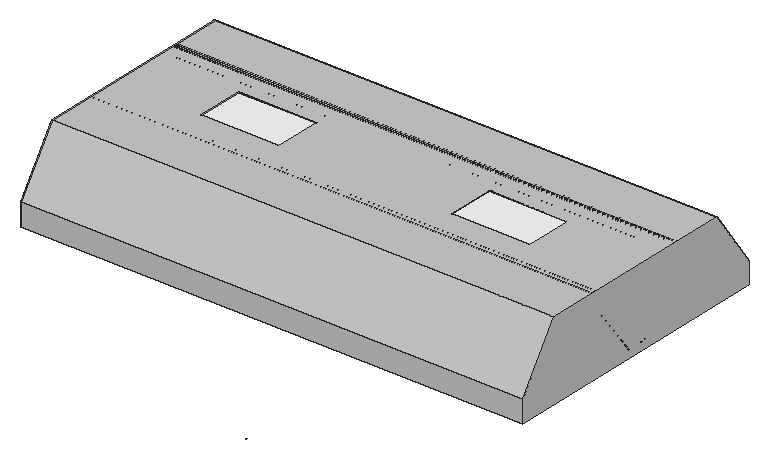
Revit family "QF_ELECTROLUXPROFESSIONAL_642361_BC1832DT", category Specialty Equipment, Revit 2014
Reference planes
  plane 1: z = 0
  plane 2 "Center (Left/Right)": x = 150
  plane 3 "LEFT": x = -1450
  plane 4 "RIGHT": x = 1750
  plane 5 "BACK": y = 550
  plane 6 "TOP": z = 2500
  plane 7 "Base": z = 2000
  plane 8: z = 1946
  plane 9: x = -1447
  plane 10 "DrainX": x = 1599
  plane 11 "AOLeft2": x = -400
  plane 12 "AORight1": x = 700
  plane 13: x = 1747
  plane 14: x = -1250
  plane 15: x = 1550
  plane 16: x = 50
  plane 17: x = 250
  plane 18 "AOLeft1": x = -900
  plane 19 "AORight2": x = 1200
  plane 20: y = -200
  plane 21: y = -500
  plane 22 "Center (Front/Back)": y = -350
  plane 23: y = -1250
  plane 24: through (0, -401.379, 2046.209) normal (0, 0.8019, 0.5974)
  plane 25: through (0, -298.621, 2046.209) normal (0, 0.8019, -0.5974)
  plane 26: z = 2140
Forms (mm)
  Extrusion 1, solid, material "QF_Finishes_Stainless Steel"
    sketch origin (-1450, 0, 360) x (0, 1, 0) y (0, 0, 1)
      loop
        line (550, 1640) -> (550, 1780) -> (299.446, 2140) -> (-999.446, 2140) -> (-1250, 1780) -> (-1250, 1640) -> (550, 1640)
    from 0 to 3
  Extrusion 2, solid, material "QF_Finishes_Stainless Steel"
    sketch origin (1750, 0, 360) x (0, 1, 0) y (0, 0, 1)
      loop
        line (550, 1640) -> (550, 1780) -> (299.446, 2140) -> (-999.446, 2140) -> (-1250, 1780) -> (-1250, 1640) -> (550, 1640)
    from 0 to -3
  Extrusion 3, solid, material "QF_Finishes_Stainless Steel"
    sketch origin (150, 0, 360) x (0, 1, 0) y (0, 0, 1)
      loop
        line (-999.446, 2140) -> (-1250, 1780) -> (-1250, 1640) -> (-1240, 1640) -> (-1240, 1640.8) -> (-1249.2, 1640.8) -> (-1249.2, 1779.739) -> (-999.025, 2139.19) -> (299.025, 2139.19) -> (549.2, 1779.739) -> (549.2, 1640.8) -> (540, 1640.8) -> (540, 1640) -> (550, 1640) -> (550, 1780) -> (299.446, 2140) -> (-999.446, 2140)
    from -1600 to 1600
  Extrusion 4, void
    sketch origin (0, 0, 2500) x (0, 1, 0) y (-1, 0, 0)
      loop
        line (-200, 400) -> (-200, 900) -> (-500, 900) -> (-500, 400) -> (-200, 400)
    from 0 to -10
  Extrusion 5, solid, material "QF_Finishes_Stainless Steel"
    sketch origin (0, 0, 0) x (1, 0, 0) y (0, 1, 0)
      loop
        line (-1450, 550) -> (-1450, 549) -> (-1449, 549) -> (-1449, 550) -> (-1450, 550)
    from 0 to 1
  Extrusion 6, solid, material "QF_Finishes_Stainless Steel"
    sketch origin (150, -400, 360) x (0, 1, 0) y (0, 0, 1)
      loop
        line (-298.883, 2085.553) -> (-1.379, 1686.209) -> (14.66, 1698.157) -> (-282.844, 2097.501) -> (-298.883, 2085.553)
      loop
        line (398.883, 2085.553) -> (382.844, 2097.501) -> (85.34, 1698.157) -> (101.379, 1686.209) -> (398.883, 2085.553)
    from -1400 to -1597
  Extrusion 7, solid, material "QF_Finishes_Stainless Steel"
    sketch origin (150, -400, 360) x (0, 1, 0) y (0, 0, 1)
      loop
        arc (116.056, 1704.554) -> (115.455, 1704.706) -> (114.923, 1704.389) r 0.81
        line (114.923, 1704.389) -> (100.465, 1684.991) -> (83.389, 1687.002) -> (86.391, 1712.615) -> (85.593, 1712.708) -> (82.594, 1687.095)
        arc (82.594, 1687.095) -> (82.763, 1686.499) -> (83.305, 1686.197) r 0.81
        line (83.305, 1686.197) -> (100.372, 1684.196)
        arc (100.372, 1684.196) -> (100.787, 1684.257) -> (101.116, 1684.517) r 0.81
        line (101.116, 1684.517) -> (115.564, 1703.911) -> (126.308, 1695.919) -> (100.145, 1660.79) -> (-0.145, 1660.79) -> (-26.308, 1695.919) -> (-15.564, 1703.911) -> (-1.116, 1684.517)
        arc (-1.116, 1684.517) -> (-0.787, 1684.257) -> (-0.372, 1684.196) r 0.81
        line (-0.372, 1684.196) -> (16.695, 1686.197)
        arc (16.695, 1686.197) -> (17.237, 1686.499) -> (17.406, 1687.095) r 0.81
        line (17.406, 1687.095) -> (14.407, 1712.708) -> (13.609, 1712.615) -> (16.611, 1687.002) -> (-0.465, 1684.991) -> (-14.923, 1704.389)
        arc (-14.923, 1704.389) -> (-15.455, 1704.706) -> (-16.056, 1704.554) r 0.81
        line (-16.056, 1704.554) -> (-26.786, 1696.561)
        arc (-26.786, 1696.561) -> (-27.103, 1696.028) -> (-26.951, 1695.427) r 0.81
        line (-26.951, 1695.427) -> (-0.843, 1660.381)
        arc (-0.843, 1660.381) -> (-0.5, 1660.093) -> (-0.063, 1659.99) r 0.972
        line (-0.063, 1659.99) -> (100.049, 1659.99)
        arc (100.049, 1659.99) -> (100.498, 1660.096) -> (100.851, 1660.393) r 1
        line (100.851, 1660.393) -> (126.951, 1695.427)
        arc (126.951, 1695.427) -> (127.103, 1696.028) -> (126.786, 1696.561) r 0.81
        line (126.786, 1696.561) -> (116.056, 1704.554)
      loop
        line (-292.735, 2139.19) -> (-292.735, 2129.205) -> (-317.587, 2110.686)
        arc (-317.587, 2110.686) -> (-317.904, 2110.153) -> (-317.752, 2109.552) r 0.81
        line (-317.752, 2109.552) -> (-284.894, 2065.446) -> (-295.625, 2057.438) -> (-295.147, 2056.796) -> (-284.418, 2064.79)
        arc (-284.418, 2064.79) -> (-284.1, 2065.322) -> (-284.252, 2065.923) r 0.81
        line (-284.252, 2065.923) -> (-317.117, 2110.038) -> (-291.935, 2128.798) -> (-291.935, 2138.4) -> (-262.776, 2138.4) -> (-262.776, 2070.563) -> (-261.976, 2069.49) -> (-261.976, 2139.19) -> (-292.735, 2139.19)
      loop
        line (392.735, 2139.19) -> (361.976, 2139.19) -> (361.976, 2069.49) -> (362.776, 2070.563) -> (362.776, 2138.4) -> (391.935, 2138.4) -> (391.935, 2128.798) -> (417.117, 2110.038) -> (384.252, 2065.923)
        arc (384.252, 2065.923) -> (384.1, 2065.322) -> (384.418, 2064.79) r 0.81
        line (384.418, 2064.79) -> (395.147, 2056.796) -> (395.625, 2057.438) -> (384.894, 2065.446) -> (417.752, 2109.552)
        arc (417.752, 2109.552) -> (417.904, 2110.153) -> (417.587, 2110.686) r 0.81
        line (417.587, 2110.686) -> (392.735, 2129.205) -> (392.735, 2139.19)
    from -1597 to 1597
  Extrusion 8, solid, material "QF_Finishes_Stainless Steel"
    sketch origin (150, -400, 360) x (0, 1, 0) y (0, 0, 1)
      loop
        line (-298.883, 2085.553) -> (-1.379, 1686.209) -> (14.66, 1698.157) -> (-282.844, 2097.501) -> (-298.883, 2085.553)
      loop
        line (398.883, 2085.553) -> (382.844, 2097.501) -> (85.34, 1698.157) -> (101.379, 1686.209) -> (398.883, 2085.553)
    from 1597 to 1400
  Extrusion 9, solid, material "QF_Finishes_Stainless Steel"
    sketch origin (150, -400, 360) x (0, 1, 0) y (0, 0, 1)
      loop
        line (-298.883, 2085.553) -> (-1.379, 1686.209) -> (14.66, 1698.157) -> (-282.844, 2097.501) -> (-298.883, 2085.553)
      loop
        line (398.883, 2085.553) -> (382.844, 2097.501) -> (85.34, 1698.157) -> (101.379, 1686.209) -> (398.883, 2085.553)
    from -100 to 100
  Extrusion 10, solid, material "QF_Finished_Chrome"
    sketch origin (150, -400, 360) x (0, 1, 0) y (0, 0, 1)
      loop
        line (-298.883, 2085.553) -> (-1.379, 1686.209) -> (14.66, 1698.157) -> (-282.844, 2097.501) -> (-298.883, 2085.553)
      loop
        line (398.883, 2085.553) -> (382.844, 2097.501) -> (85.34, 1698.157) -> (101.379, 1686.209) -> (398.883, 2085.553)
    from -1400 to -100
  Extrusion 11, solid, material "QF_Finished_Chrome"
    sketch origin (150, -400, 360) x (0, 1, 0) y (0, 0, 1)
      loop
        line (-298.883, 2085.553) -> (-1.379, 1686.209) -> (14.66, 1698.157) -> (-282.844, 2097.501) -> (-298.883, 2085.553)
      loop
        line (398.883, 2085.553) -> (382.844, 2097.501) -> (85.34, 1698.157) -> (101.379, 1686.209) -> (398.883, 2085.553)
    from 100 to 1400
  Sweep 12, solid, material "QF_Finishes_Stainless Steel"
    path origin (0, 0, 0) x (1, 0, 0) y (0, 1, 0)
      loop
        line (1750, 550) -> (-1450, 550) -> (-1450, -1250) -> (1750, -1250) -> (1750, 550)
    profile origin (1750, -350, 0) x (1, 0, 0) y (0, 0, 1)
      loop
        line (-3, 2000) -> (-3, 2000.8) -> (-19, 2000.8) -> (-19, 2010) -> (-20, 2010) -> (-20, 2000) -> (-3, 2000)
  Extrusion 13, void
    sketch origin (0, 0, 2500) x (0, 1, 0) y (-1, 0, 0)
      loop
        line (-200, -1200) -> (-200, -700) -> (-500, -700) -> (-500, -1200) -> (-200, -1200)
    from 0 to -10
  Extrusion 14, solid, material "QF_Finishes_Stainless Steel"
    sketch origin (1599, 0, 0) x (0, 1, 0) y (0, 0, 1)
      loop
        arc (-318.5, 1946) -> (-311.429, 1948.929) -> (-308.5, 1956) r 10
        line (-308.5, 1956) -> (-308.5, 2000.8) -> (-391.5, 2000.8) -> (-391.5, 1956)
        arc (-391.5, 1956) -> (-388.571, 1948.929) -> (-381.5, 1946) r 10
        line (-381.5, 1946) -> (-318.5, 1946)
    from -90 to 90
  Extrusion 15, solid, material "QF_Finishes_Stainless Steel"
    sketch origin (0, -1100, 2000) x (0, 1, 0) y (-1, 0, 0)
      loop
        circle (750, -1599) r 6.35
    from -3.799 to 0
Cuts and joins
  Extrusion 4, Extrusion 13 cuts Extrusion 3
  joined: Extrusion 2, Extrusion 3, Sweep 12
Lines and regions (mm)
  symbolic lines, style "SpecialityEquipment", detail levels coarse
    curve 1: line (1750, 550, 2500) -> (-1450, 550, 2500)
    curve 2: line (-1450, 550, 2500) -> (-1450, -1250.8, 2500)
    curve 3: line (1750, -1250.8, 2500) -> (1750, 550, 2500)
    curve 4: line (-1450, 299.446, 0) -> (1750, -999.446, 0)
    curve 5: line (1750, 299.446, 0) -> (-1450.605, -999.446, 0)
  symbolic lines, detail levels coarse
    curve 6: line (-900, -500, 0) -> (-400, -500, 0)
    curve 7: line (-900, -200, 0) -> (-900, -500, 0)
    curve 8: line (-400, -200, 0) -> (-900, -200, 0)
    curve 9: line (-400, -500, 0) -> (-400, -200, 0)
    curve 10: line (700, -200, 0) -> (700, -500, 0)
    curve 11: line (1200, -200, 0) -> (700, -200, 0)
    curve 12: line (1200, -500, 0) -> (1200, -200, 0)
    curve 13: line (700, -500, 0) -> (1200, -500, 0)
    curve 14: line (-1450.605, -999.446, 0) -> (1750, -999.446, 0)
    curve 15: line (1750, 299.446, 0) -> (-1450, 299.446, 0)
    curve 16: line (-1450, -1250.8, 0) -> (1750, -1250.8, 0)
Dimensions and locks
  plane 3 "LEFT" to plane 4 "RIGHT" = 3200 mm
  equal spacing: plane 3 "LEFT", plane 2 "Center (Left/Right)", plane 4 "RIGHT"
  plane 3 "LEFT" to plane 9 = 3 mm
  plane 10 "DrainX" to plane 4 "RIGHT" = 151 mm
  plane 13 to plane 4 "RIGHT" = 3 mm
  plane 3 "LEFT" to plane 14 = 200 mm
  plane 15 to plane 4 "RIGHT" = 200 mm
  locked: plane 11 "AOLeft2" to plane 12 "AORight1" at 1100
  equal spacing: plane 11 "AOLeft2", plane 2 "Center (Left/Right)", plane 12 "AORight1"
  locked: plane 7 "Base" to level at 2000
  locked: plane 16 to plane 17 at 200
  equal spacing: plane 16, plane 2 "Center (Left/Right)", plane 17
  plane 18 "AOLeft1" to plane 11 "AOLeft2" = 500 mm
  plane 12 "AORight1" to plane 19 "AORight2" = 500 mm
  plane 7 "Base" to plane 8 = 54 mm
  locked: plane 6 "TOP" to plane 7 "Base" at 500
  plane 5 "BACK" to plane 23 = 1800 mm  (x2)
  equal spacing: plane 5 "BACK", plane 22 "Center (Front/Back)", plane 23
  plane 21 to plane 20 = 300 mm
  equal spacing: plane 21, plane 22 "Center (Front/Back)", plane 20
  plane 26 to plane 7 "Base" = 140 mm
  aligned and locked: level to plane 1
  aligned and locked: plane 4 "RIGHT" to Extrusion 3
  aligned and locked: Extrusion 3 to plane 3 "LEFT"
  aligned and locked: Extrusion 6 to plane 9
  aligned and locked: plane 14 to Extrusion 6
  aligned and locked: Extrusion 2 to plane 13
  aligned and locked: plane 13 to Extrusion 8
  aligned and locked: Extrusion 8 to plane 15
  aligned and locked: plane 17 to Extrusion 9
  aligned and locked: Extrusion 9 to plane 16
  aligned and locked: plane 16 to Extrusion 10
  aligned and locked: Extrusion 10 to plane 14
  aligned and locked: Extrusion 11 to plane 17
  aligned and locked: Extrusion 11 to plane 15
  aligned and locked: Extrusion 7 to plane 9
  aligned and locked: plane 13 to Extrusion 7
  aligned and locked: Extrusion 4 to plane 18 "AOLeft1"
  aligned and locked: Extrusion 4 to plane 11 "AOLeft2"
  aligned and locked: plane 12 "AORight1" to Extrusion 13
  aligned and locked: plane 19 "AORight2" to Extrusion 13
  aligned and locked: plane 21 to Extrusion 13
  aligned and locked: plane 21 to Extrusion 4
  aligned and locked: plane 20 to Extrusion 13
  aligned and locked: plane 20 to Extrusion 4
  aligned and locked: curve 6 to Extrusion 4
  aligned and locked: curve 7 to Extrusion 4
  aligned and locked: curve 8 to Extrusion 4
  aligned and locked: curve 9 to Extrusion 4
  aligned and locked: curve 10 to Extrusion 13
  aligned and locked: curve 11 to Extrusion 13
  aligned and locked: curve 12 to Extrusion 13
  aligned and locked: curve 13 to Extrusion 13
Automatic sketch dimensions
  curve 2 to plane 3 "LEFT" = 0 mm
  curve 3 to plane 4 "RIGHT" = 0 mm
  curve 2 to plane 5 "BACK" = 0 mm
  Extrusion 4 sketch curve to plane 11 "AOLeft2" = 0 mm
  Extrusion 4 sketch curve to plane 18 "AOLeft1" = 0 mm
  Extrusion 5 sketch curve to plane 3 "LEFT" = 0 mm
  Extrusion 5 sketch curve to plane 5 "BACK" = 0 mm
  plane 3 "LEFT" to Extrusion 5 sketch curve = 1 mm
  Extrusion 5 sketch curve to Extrusion 5 sketch curve = 1 mm
  Sweep 12 sketch curve to plane 3 "LEFT" = 0 mm
  Sweep 12 sketch curve to plane 4 "RIGHT" = 0 mm
  Sweep 12 sketch curve to plane 5 "BACK" = 0 mm
  profile plane to Sweep 12 sketch curve = 20 mm
  Sweep 12 sketch curve to Sweep 12 sketch curve = 1 mm
  profile plane to Sweep 12 sketch curve = 3 mm
  level to Sweep 12 sketch curve = 2000 mm
  Sweep 12 sketch curve to Sweep 12 sketch curve = 0.8 mm
  Sweep 12 sketch curve to Sweep 12 sketch curve = 9.2 mm
  Extrusion 13 sketch curve to plane 11 "AOLeft2" = 1600 mm
  plane 18 "AOLeft1" to Extrusion 13 sketch curve = 1600 mm
  Extrusion 13 sketch curve to Extrusion 13 sketch curve = 300 mm
  Extrusion 13 sketch curve to plane 20 = 0 mm
  plane 21 to curve 3 = 750.8 mm
  plane 21 to curve 2 = 750.8 mm
  plane 21 to Sweep 12 sketch curve = 750 mm
  plane 21 to Extrusion 4 sketch curve = 0 mm
  Extrusion 4 sketch curve to plane 20 = 0 mm
  Extrusion 15 sketch curve to plane 10 "DrainX" = 0 mm
  Extrusion 15 sketch curve to plane 22 "Center (Front/Back)" = 0 mm
  Extrusion 14 sketch curve to plane 8 = 0 mm
  plane 8 to Extrusion 14 sketch curve = 10 mm
  Extrusion 14 sketch curve to plane 22 "Center (Front/Back)" = 41.5 mm
  plane 22 "Center (Front/Back)" to Extrusion 14 sketch curve = 31.5 mm
  plane 7 "Base" to Extrusion 14 sketch curve = 0.8 mm
  plane 22 "Center (Front/Back)" to Extrusion 14 sketch curve = 41.5 mm
  plane 21 to Extrusion 6 sketch curve = 198.883 mm
  Extrusion 6 sketch curve to plane 6 "TOP" = 42.499 mm  (x2)
  Extrusion 6 sketch curve to Extrusion 6 sketch curve = 16.039 mm  (x2)
  Extrusion 6 sketch curve to plane 22 "Center (Front/Back)" = 51.379 mm
  plane 22 "Center (Front/Back)" to Extrusion 6 sketch curve = 35.34 mm
  plane 20 to Extrusion 6 sketch curve = 182.844 mm
  Extrusion 6 sketch curve to Extrusion 6 sketch curve = 11.948 mm  (x2)
  Extrusion 7 sketch curve to plane 6 "TOP" = 30.448 mm  (x2)
  plane 21 to Extrusion 7 sketch curve = 217.752 mm
  Extrusion 7 sketch curve to plane 6 "TOP" = 29.314 mm  (x2)
  Extrusion 7 sketch curve to Extrusion 7 sketch curve = 0.166 mm  (x3)
  Extrusion 7 sketch curve to plane 6 "TOP" = 29.962 mm  (x2)
  Extrusion 7 sketch curve to Extrusion 7 sketch curve = 0.47 mm  (x2)
  Extrusion 7 sketch curve to Extrusion 7 sketch curve = 0.014 mm  (x2)
  Extrusion 7 sketch curve to plane 6 "TOP" = 82.562 mm  (x2)
  Extrusion 7 sketch curve to Extrusion 7 sketch curve = 22.127 mm
  Extrusion 7 sketch curve to plane 6 "TOP" = 83.204 mm  (x2)
  Extrusion 7 sketch curve to Extrusion 7 sketch curve = 0.478 mm  (x5)
  Extrusion 7 sketch curve to plane 6 "TOP" = 0.81 mm  (x2)
  Extrusion 7 sketch curve to Extrusion 7 sketch curve = 24.852 mm
  Extrusion 7 sketch curve to Extrusion 7 sketch curve = 0.8 mm  (x5)
  Extrusion 7 sketch curve to Extrusion 7 sketch curve = 10.724 mm
  Extrusion 7 sketch curve to plane 6 "TOP" = 74.554 mm  (x2)
  Extrusion 7 sketch curve to Extrusion 7 sketch curve = 0.008 mm  (x6)
  Extrusion 7 sketch curve to plane 6 "TOP" = 75.21 mm  (x2)
  Extrusion 7 sketch curve to plane 6 "TOP" = 74.077 mm  (x2)
  Extrusion 7 sketch curve to Extrusion 7 sketch curve = 0.642 mm  (x2)
  Extrusion 7 sketch curve to plane 6 "TOP" = 69.437 mm  (x2)
  Extrusion 7 sketch curve to Extrusion 7 sketch curve = 21.476 mm  (x2)
  Extrusion 7 sketch curve to plane 21 = 73.049 mm
  Extrusion 7 sketch curve to Extrusion 7 sketch curve = 0.006 mm  (x4)
  Extrusion 7 sketch curve to Extrusion 7 sketch curve = 10.73 mm  (x3)
  Extrusion 7 sketch curve to Extrusion 7 sketch curve = 0.484 mm  (x4)
  Extrusion 7 sketch curve to Extrusion 7 sketch curve = 0.641 mm  (x2)
  Extrusion 7 sketch curve to Extrusion 7 sketch curve = 14.448 mm
  plane 7 "Base" to Extrusion 7 sketch curve = 20.381 mm
  Extrusion 7 sketch curve to Extrusion 7 sketch curve = 0.273 mm
  Extrusion 7 sketch curve to Extrusion 7 sketch curve = 0.65 mm  (x2)
  Extrusion 7 sketch curve to Extrusion 7 sketch curve = 0.001 mm  (x4)
  Extrusion 7 sketch curve to Extrusion 7 sketch curve = 0.093 mm  (x2)
  plane 7 "Base" to Extrusion 7 sketch curve = 20.79 mm
  Extrusion 7 sketch curve to Extrusion 7 sketch curve = 0.698 mm
  Extrusion 7 sketch curve to Extrusion 7 sketch curve = 0.081 mm
  Extrusion 7 sketch curve to Extrusion 7 sketch curve = 28.531 mm
  Extrusion 7 sketch curve to Extrusion 7 sketch curve = 0.799 mm  (x2)
  Extrusion 7 sketch curve to Extrusion 7 sketch curve = 17.067 mm  (x2)
  Extrusion 7 sketch curve to Extrusion 7 sketch curve = 0.01 mm  (x4)
  Extrusion 7 sketch curve to Extrusion 7 sketch curve = 0.094 mm
  Extrusion 7 sketch curve to Extrusion 7 sketch curve = 0.795 mm  (x2)
  plane 22 "Center (Front/Back)" to Extrusion 7 sketch curve = 32.594 mm
  Extrusion 7 sketch curve to Extrusion 7 sketch curve = 0.71 mm
  Extrusion 7 sketch curve to Extrusion 7 sketch curve = 2.998 mm
  Extrusion 7 sketch curve to Extrusion 7 sketch curve = 16.745 mm
  Extrusion 7 sketch curve to Extrusion 7 sketch curve = 0.095 mm
  plane 7 "Base" to Extrusion 7 sketch curve = 20.393 mm
  Extrusion 7 sketch curve to Extrusion 7 sketch curve = 0.707 mm
  Extrusion 7 sketch curve to Extrusion 7 sketch curve = 0.651 mm
  Extrusion 7 sketch curve to Extrusion 7 sketch curve = 14.456 mm
  Extrusion 7 sketch curve to plane 6 "TOP" = 70.51 mm  (x2)
  plane 20 to Extrusion 7 sketch curve = 161.976 mm
  Extrusion 7 sketch curve to plane 6 "TOP" = 1.6 mm
  Extrusion 7 sketch curve to Extrusion 7 sketch curve = 29.159 mm
  Extrusion 7 sketch curve to Extrusion 7 sketch curve = 24.368 mm
  Extrusion 7 sketch curve to Extrusion 7 sketch curve = 0.636 mm
  Extrusion 7 sketch curve to Extrusion 7 sketch curve = 23.206 mm
  Extrusion 7 sketch curve to Extrusion 7 sketch curve = 23.234 mm
  Extrusion 7 sketch curve to Extrusion 7 sketch curve = 0.321 mm  (x2)
  Extrusion 7 sketch curve to Extrusion 7 sketch curve = 2.001 mm  (x2)
  Extrusion 7 sketch curve to Extrusion 7 sketch curve = 0.804 mm  (x2)
  Extrusion 7 sketch curve to Extrusion 7 sketch curve = 10.911 mm  (x2)
  Extrusion 7 sketch curve to Extrusion 7 sketch curve = 7.993 mm  (x2)
  Extrusion 7 sketch curve to Extrusion 7 sketch curve = 25.613 mm  (x2)
  Extrusion 7 sketch curve to Extrusion 7 sketch curve = 0.407 mm  (x2)
  Extrusion 7 sketch curve to Extrusion 7 sketch curve = 0.79 mm
  Extrusion 3 sketch curve to plane 7 "Base" = 0 mm  (x2)
  Extrusion 3 sketch curve to plane 23 = 0 mm
  Extrusion 3 sketch curve to plane 5 "BACK" = 0 mm
  plane 23 to Extrusion 3 sketch curve = 0.8 mm
  plane 7 "Base" to Extrusion 3 sketch curve = 0.8 mm  (x2)
  Extrusion 3 sketch curve to Extrusion 3 sketch curve = 9.2 mm
  plane 23 to Extrusion 3 sketch curve = 250.554 mm
  Extrusion 3 sketch curve to Extrusion 3 sketch curve = 0.421 mm  (x2)
  Extrusion 3 sketch curve to plane 6 "TOP" = 0.81 mm
  Extrusion 3 sketch curve to plane 5 "BACK" = 250.975 mm
  Extrusion 3 sketch curve to plane 5 "BACK" = 10 mm
  Extrusion 3 sketch curve to plane 5 "BACK" = 0.8 mm
  Extrusion 3 sketch curve to Extrusion 3 sketch curve = 138.939 mm  (x2)
  Extrusion 3 sketch curve to Extrusion 3 sketch curve = 0.261 mm  (x2)
  Extrusion 3 sketch curve to plane 6 "TOP" = 0 mm
  Extrusion 1 sketch curve to plane 7 "Base" = 0 mm
  Extrusion 1 sketch curve to plane 23 = 0 mm
  Extrusion 1 sketch curve to plane 6 "TOP" = 0 mm
  Extrusion 1 sketch curve to plane 5 "BACK" = 0 mm
  Extrusion 1 sketch curve to plane 5 "BACK" = 250.554 mm
  plane 7 "Base" to Extrusion 1 sketch curve = 140 mm
  Extrusion 1 sketch curve to Extrusion 1 sketch curve = 140 mm
  plane 23 to Extrusion 1 sketch curve = 250.554 mm
  plane 21 to Extrusion 10 sketch curve = 198.883 mm
  Extrusion 10 sketch curve to plane 6 "TOP" = 42.499 mm  (x2)
  Extrusion 10 sketch curve to Extrusion 10 sketch curve = 16.039 mm  (x2)
  Extrusion 10 sketch curve to plane 22 "Center (Front/Back)" = 51.379 mm
  plane 22 "Center (Front/Back)" to Extrusion 10 sketch curve = 35.34 mm
  plane 20 to Extrusion 10 sketch curve = 182.844 mm
  Extrusion 10 sketch curve to Extrusion 10 sketch curve = 11.948 mm  (x2)
  plane 21 to Extrusion 9 sketch curve = 198.883 mm
  Extrusion 9 sketch curve to plane 6 "TOP" = 42.499 mm  (x2)
  Extrusion 9 sketch curve to Extrusion 9 sketch curve = 16.039 mm  (x2)
  Extrusion 9 sketch curve to plane 22 "Center (Front/Back)" = 51.379 mm
  plane 22 "Center (Front/Back)" to Extrusion 9 sketch curve = 35.34 mm
  plane 20 to Extrusion 9 sketch curve = 182.844 mm
  Extrusion 9 sketch curve to Extrusion 9 sketch curve = 11.948 mm  (x2)
  plane 21 to Extrusion 11 sketch curve = 198.883 mm
  Extrusion 11 sketch curve to plane 6 "TOP" = 42.499 mm  (x2)
  Extrusion 11 sketch curve to Extrusion 11 sketch curve = 16.039 mm  (x2)
  Extrusion 11 sketch curve to plane 22 "Center (Front/Back)" = 51.379 mm
  plane 22 "Center (Front/Back)" to Extrusion 11 sketch curve = 35.34 mm
  plane 20 to Extrusion 11 sketch curve = 182.844 mm
  Extrusion 11 sketch curve to Extrusion 11 sketch curve = 11.948 mm  (x2)
  plane 21 to Extrusion 8 sketch curve = 198.883 mm
  Extrusion 8 sketch curve to plane 6 "TOP" = 42.499 mm  (x2)
  Extrusion 8 sketch curve to Extrusion 8 sketch curve = 16.039 mm  (x2)
  Extrusion 8 sketch curve to plane 22 "Center (Front/Back)" = 51.379 mm
  plane 22 "Center (Front/Back)" to Extrusion 8 sketch curve = 35.34 mm
  plane 20 to Extrusion 8 sketch curve = 182.844 mm
  Extrusion 8 sketch curve to Extrusion 8 sketch curve = 11.948 mm  (x2)
  Extrusion 2 sketch curve to plane 7 "Base" = 0 mm
  Extrusion 2 sketch curve to plane 23 = 0 mm
  Extrusion 2 sketch curve to plane 6 "TOP" = 0 mm
  Extrusion 2 sketch curve to plane 5 "BACK" = 0 mm
  Extrusion 2 sketch curve to plane 26 = 0 mm  (x2)
  Extrusion 2 sketch curve to plane 5 "BACK" = 250.554 mm
  plane 23 to Extrusion 2 sketch curve = 250.554 mm
  curve 15 to plane 3 "LEFT" = 0 mm
  curve 16 to plane 3 "LEFT" = 0 mm
  curve 14 to plane 4 "RIGHT" = 0 mm
  curve 15 to plane 4 "RIGHT" = 0 mm
  curve 16 to plane 4 "RIGHT" = 0 mm
  curve 14 to plane 3 "LEFT" = 0.605 mm
  plane 23 to curve 14 = 250.554 mm
  curve 15 to plane 5 "BACK" = 250.554 mm
  curve 16 to plane 23 = 0.8 mm
  radius of Extrusion 15 sketch curve = 6.35 mm
Connectors
  hvac at (-650, -350, 2500)
    settings: on Extrusion 4, index 2, duct flow 0.0 L/s, flow factor 0, pres drop 0.0 Pa, loss coef 0, conn angle 0.00°, conn width 300 mm, conn height 500 mm, conn diameter 609.6 mm, duct sys type 3, conn prof type 1, flow config 1, flow direction 2, loss method 0, conn ref index -1, conn util no, is conn primary yes, conn desc "EXHAUST OUTLET"
  hvac at (950, -350, 2500)
    settings: on Extrusion 13, index 3, duct flow 0.0 L/s, flow factor 0, pres drop 0.0 Pa, loss coef 0, conn angle 0.00°, conn width 300 mm, conn height 500 mm, conn diameter 609.6 mm, duct sys type 3, conn prof type 1, flow config 1, flow direction 2, loss method 0, conn ref index -1, conn util no, is conn primary no, conn desc "EXHAUST OUTLET"
  piping at (1599, -350, 1996.201), diameter 12.7
    settings: on Extrusion 15, index 4, connector inside diameter 609.6 mm, connector length 0 mm, flow factor 0, pipe flow 0.0 L/s, pressure drop 0.0 Pa, fitting loss kfactor 0, connector angle 0.00°, fixture units 0, engagement length 0 mm, angle of deflection 0.00°, flow configuration 1, flow direction 2, fitting loss method 0, system type 16, joint type 0, gender type 0, connector reference index -1, connector utility 0, adjustable connector no, is connector primary yes, connector description "Drain"
